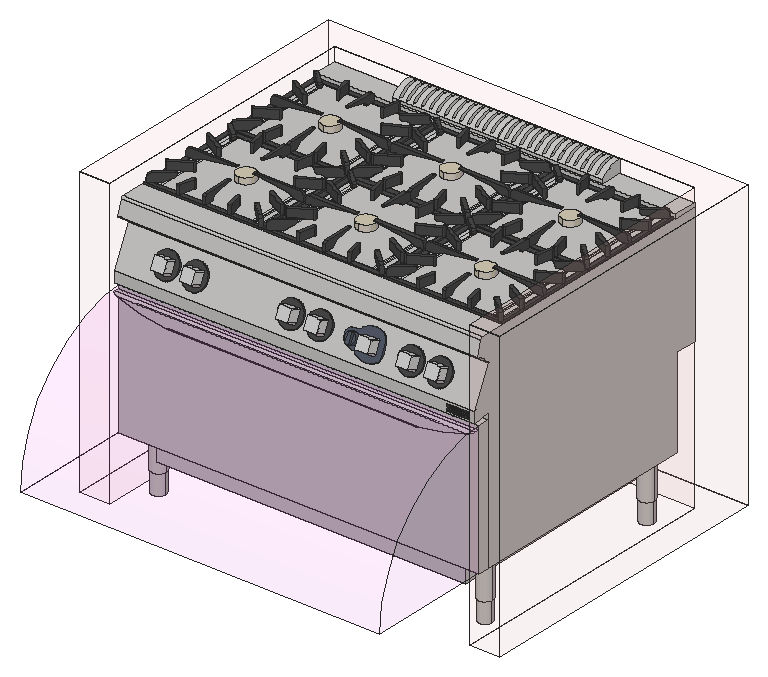
Revit family "QF_ZANUSSI_392016_Z9GCGL6SLM", category Attrezzature speciali, Revit 2020
Family settings
  Quota connettore circolare = Usa diametro
  Tipo di parte = Normale
  Basato su piano di lavoro = No
  Sempre verticale = Sì
  Taglio con vuoti quando caricato = No
  Condiviso = No
  Punto di calcolo locali = No
Parameters (values of type "Standard")
  Weight = 200.00 kg
  Watts = 0 W
  Volts = 0 V
  URL Manufacturer = "http://www.zanussiprofessional.com"
  URL = "http://www.zanussiprofessional.com"
  Steam Supply Size = 0 mm
  Steam Supply Minimum Pressure = 0.0 Pa
  Steam Supply Maximum Pressure = 0.0 Pa
  Steam Consumption per Hour = 0
  Show Logo [instance] = yes
  Show Clearance [instance] = yes
  Refrigeration Suction Line Size = 0 mm
  Refrigeration Liquid Line Size = 0 mm
  Refrigerant Compressor Remote = yes
  Prospetto di default = 0 mm
  Produttore = "Zanussi"
  Phase = 0
  Modello = "Z9GCGL6SLM"
  Length Actual = 1200 mm  # constant formula
  Item Number = "392016"
  Hot Water Size = 0 mm
  Height Actual = 850 mm  # constant formula
  HP = "0 HP"
  Gas Size = 12.7 mm
  Gas KW = 72
  Gas Input Pressure = 0.427354 W
  Direct Waste Size = 0 mm
  Descrizione = "6BURN(10KW)GAS RANGE+LARGE GAS OVEN 1200"
  Depth Actual = 900 mm  # constant formula
  Cycle = 0 Hz
  Condensate Return Size = 0 mm
  Compressed Air Volume = 0.0 L/s
  Compressed Air Size = 0 mm
  Compressed Air Pressure = 0.0 Pa
  Cold Water Size = 0 mm
  Accessory = yes
Reference planes
  plane 1 "Back": y = 0
  plane 2: z = 0
  plane 3 "Left": x = 0
  plane 4: y = -716.25
  plane 5: x = 1200
  plane 6: z = 850
  plane 7: y = -340.304
  plane 8: y = -680.608
  plane 9: x = 600
  plane 10: x = 1300
  plane 11: x = -100
  plane 12: y = 100
  plane 13: z = 149
  plane 14: y = -128
  plane 15: y = -802
Forms (mm)
  Extrusion 1, solid, material "QF_Finishes_Clearance", visible <- "Show Clearance"
    sketch origin (0, 0, 0) x (1, 0, 0) y (0, 1, 0)
      loop
        line (-100, -934.208) -> (0, -934.208) -> (0, 0) -> (1200, 0) -> (1200, -934.208) -> (1300, -934.208) -> (1300, 100) -> (-100, 100) -> (-100, -934.208)
    from 0 to 958.9
  Extrusion 2, solid, material "QF_Finishes_Stainless Steel"
    sketch origin (0, 50, 661.213) x (0, 1, 0) y (0, 0, 1)
      loop
        line (-50, 238.788) -> (-50, 253.075) -> (-126.2, 253.075) -> (-126.2, 238.788) -> (-50, 238.788)
    from 0 to 1200
  Revolve 3, solid, material "QF_Finishes_Door Clearance", visible <- "Show Clearance"
    sketch origin (0, -865, 50) x (1, 0, 0) y (0, 0, 1)
      loop
        line (0, 593.184) -> (0, 149) -> (1200, 149) -> (1200, 593.184) -> (0, 593.184)
      axis (1200, 149) -> (0, 149)
    angle from 0 to -90
  Extrusion 4, solid, material "QF_Finishes_Stainless Steel"
    sketch origin (0, 0, 50) x (0, 1, 0) y (0, 0, 1)
      loop
        line (-128, 149) -> (-848, 149) -> (-848, 69) -> (-128, 69) -> (-128, 149)
    from 84.604 to 1114.933
  Extrusion 5, solid, material "QF_Finishes_Stainless Steel"
    sketch origin (-305.042, -202, 191.278) x (-1, 0, 0) y (0, -1, 0)
      loop
        circle (-1452.042, 464) r 6.35
    from -1.278 to 7.722
Dimensions and locks
  plane 1 "Back" to plane 4 = 716.25 mm  (x2)
  plane 3 "Left" to plane 5 = 1200 mm
  equal spacing: plane 3 "Left", plane 9, plane 5
  plane 1 "Back" to plane 12 = 100 mm
  plane 5 to plane 10 = 100 mm
  plane 11 to plane 3 "Left" = 100 mm
  plane 13 to level = 149 mm
  Extrusion 1 to plane 14 to plane 15 = 128 mm, 674 mm
  aligned and locked: level to plane 2
Automatic sketch dimensions
  Extrusion 1 sketch curve to plane 11 = 0 mm
  Extrusion 1 sketch curve to plane 3 "Left" = 0 mm
  plane 1 "Back" to Extrusion 1 sketch curve = 0 mm
  Extrusion 1 sketch curve to plane 5 = 0 mm
  Extrusion 1 sketch curve to plane 10 = 0 mm
  Extrusion 1 sketch curve to plane 12 = 0 mm
  Extrusion 1 sketch curve to plane 15 = 132.208 mm  (x2)
  Extrusion 2 sketch curve to plane 1 "Back" = 0 mm
  plane 14 to Extrusion 2 sketch curve = 51.8 mm
  Extrusion 2 sketch curve to plane 6 = 50 mm
  Extrusion 2 sketch curve to Extrusion 2 sketch curve = 14.288 mm
  Revolve 3 sketch curve to plane 3 "Left" = 0 mm
  plane 9 to Revolve 3 sketch curve = 0 mm
  plane 5 to Revolve 3 sketch curve = 0 mm
  Revolve 3 sketch curve to plane 13 = 50 mm  (x2)
  plane 6 to Revolve 3 sketch curve = 206.816 mm
  plane 11 to Revolve 3 sketch curve = 120 mm
  Extrusion 4 sketch curve to plane 14 = 0 mm
  Extrusion 4 sketch curve to plane 15 = 46 mm
  plane 13 to Extrusion 4 sketch curve = 30 mm
  Extrusion 4 sketch curve to plane 13 = 50 mm
  plane 8 to Extrusion 5 sketch curve = 14.608 mm
  plane 5 to Extrusion 5 sketch curve = 53 mm
  radius of Extrusion 5 sketch curve = 6.35 mm
Nested families
  nested 1: "Uscita_Fumi_350" at (775, -34.925, 914.288), type "Uscita_Fumi_350"
  nested 2: "Uscita_Fumi_350" at (425, -34.925, 914.288) x (-1, 0, 0) z (0, 0, 1), type "Uscita_Fumi_350"
  nested 3: "ZANUSSI_BURNER" at (2.5, -443.125, 50), type "ZANUSSI_BURNER"
    with Status "", Specification by User "", Revision Code "", Item Number "", Installed By "", Identify Quantity as Lot yes, Furnished By "", Foodservice Equipment Identifier yes
  nested 4: "ZANUSSI_BURNER" at (2.5, -439.983, 50), type "ZANUSSI_BURNER"
    with Status "", Specification by User "", Revision Code "", Item Number "", Installed By "", Identify Quantity as Lot yes, Furnished By "", Foodservice Equipment Identifier yes
  nested 5: "ZANUSSI_BURNER" at (797.4, -443.125, 50) x (-1, 0, 0) z (0, 0, 1), type "ZANUSSI_BURNER"
    with Status "", Specification by User "", Revision Code "", Item Number "", Installed By "", Identify Quantity as Lot yes, Furnished By "", Foodservice Equipment Identifier yes
  nested 6: "ZANUSSI_BURNER" at (797.4, -439.983, 50) x (-1, 0, 0) z (0, 0, 1), type "ZANUSSI_BURNER"
    with Status "", Specification by User "", Revision Code "", Item Number "", Installed By "", Identify Quantity as Lot yes, Furnished By "", Foodservice Equipment Identifier yes
  nested 7: "ZANUSSI_BURNER" at (802.4, -443.125, 50), type "ZANUSSI_BURNER"
    with Status "", Specification by User "", Revision Code "", Item Number "", Installed By "", Identify Quantity as Lot yes, Furnished By "", Foodservice Equipment Identifier yes
  nested 8: "ZANUSSI_BURNER" at (802.4, -439.983, 50), type "ZANUSSI_BURNER"
    with Status "", Specification by User "", Revision Code "", Item Number "", Installed By "", Identify Quantity as Lot yes, Furnished By "", Foodservice Equipment Identifier yes
  nested 9: "CONTROLLER_XP-ZAN" at (1113, -887.374, 748.654) x (1, 0, 0) z (0, -0.8956, 0.4448), type "CONTROLLER_XP-ZAN"
  nested 10: "CONTROLLER_XP-ZAN" at (1018, -887.374, 748.654) x (1, 0, 0) z (0, -0.8956, 0.4448), type "CONTROLLER_XP-ZAN"
  nested 11: "CONTROLLER_XP-ZAN" at (713, -887.374, 748.654) x (1, 0, 0) z (0, -0.8956, 0.4448), type "CONTROLLER_XP-ZAN"
  nested 12: "CONTROLLER_XP-ZAN" at (618, -887.374, 748.654) x (1, 0, 0) z (0, -0.8956, 0.4448), type "CONTROLLER_XP-ZAN"
  nested 13: "CONTROLLER_DOPPIO_ZAN" at (806.481, -887.374, 748.654) x (1, 0, 0) z (0, -0.8956, 0.4448), type "CONTROLLER_DOPPIO_ZAN"
  nested 14: "CONTROLLER_XP-ZAN" at (298, -887.374, 748.654) x (1, 0, 0) z (0, -0.8956, 0.4448), type "CONTROLLER_XP-ZAN"
  nested 15: "CONTROLLER_XP-ZAN" at (203, -887.374, 748.654) x (1, 0, 0) z (0, -0.8956, 0.4448), type "CONTROLLER_XP-ZAN"
  nested 16: "ZANUSSI_Logo" at (1149.92, -916.25, 722.184) x (1, 0, 0) z (0, -1, 0), Show Logo <- "Show Logo", visible <- "Show Logo", type "ZANUSSI_Logo"
    with Show Logo yes
  nested 17: "E700_width120x900" at (600, -340.304, 50), type "E700_width120x900"
  nested 18: "MANIGLIA_SLIM_ZANUSSI_1200Width" at (600.55, -900, 611.5) x (1, 0, 0) z (0, -1, 0), type "MANIGLIA_SLIM_ZANUSSI_1200Width"
  nested 19: "Piedino 50xH200_par" at (56, -802, 0), type "Piedino 50xH200_par"
    with H 200 mm
  nested 20: "Piedino 50xH200_par" at (56, -128, 0), type "Piedino 50xH200_par"
    with H 200 mm
  nested 21: "Piedino 50xH200_par" at (1144, -128, 0), type "Piedino 50xH200_par"
    with H 200 mm
  nested 22: "Piedino 50xH200_par" at (1144, -802, 0), type "Piedino 50xH200_par"
    with H 200 mm
Connectors
  piping at (1147, -666, 190), diameter 12.7, driven by "Gas Size"
    settings: on Extrusion 5, index 13, connector inside diameter 12.8 mm, connector length 0 mm, flow factor 0, pipe flow 0.0 L/s, pressure drop 0.0 Pa, fitting loss kfactor 0, connector angle 0.00°, fixture units 0, engagement length 0 mm, angle of deflection 0.00°, flow configuration 1, flow direction 1, fitting loss method 0, system type 29, joint type 0, gender type 0, connector reference index -1, connector utility 0, adjustable connector no, is connector primary yes, connector description "Gas Connection"
Definition of nested family "Uscita_Fumi_350"
  Parameters (values of type "Uscita_Fumi_350")
    Default Elevation = 1219.2 mm
  Reference planes
    plane 1 "Centro (Fronte/Retro)": y = 0
    plane 2: z = 0
    plane 3 "Centro (Sinistra/Destra)": x = 0
  Forms (mm)
    Extrusion 1, solid
      sketch origin (0, 0, 0) x (1, 0, 0) y (0, 1, 0)
        loop
          line (-1219.2, 1219.2) -> (-1219.2, -1219.2) -> (1219.2, -1219.2) -> (1219.2, 1219.2) -> (-1219.2, 1219.2)
      from 0 to -304.8
    Extrusion 2, solid
      sketch origin (-225, 34.925, -289.638) x (0, 1, 0) y (0, 0, 1)
        loop
          line (0, 289.638) -> (0, 331.738)
          arc (0, 331.738) -> (-38.857, 324.552) -> (-69.85, 300.038) r 82.056
          line (-69.85, 300.038) -> (-69.85, 289.638) -> (0, 289.638)
      from 50 to 400
    Extrusion 3, void
      sketch origin (-262.5, 34.925, -15) x (0, -1, 0) y (1, 0, 0)
        loop
          line (63.911, 115.464) -> (6.761, 115.464) -> (6.761, 106.168) -> (63.911, 106.168) -> (63.911, 115.464)
        loop
          line (63.911, 140.952) -> (6.761, 140.952) -> (6.761, 131.656) -> (63.911, 131.656) -> (63.911, 140.952)
        loop
          line (63.911, 166.44) -> (6.761, 166.44) -> (6.761, 157.145) -> (63.911, 157.145) -> (63.911, 166.44)
        loop
          line (63.911, 191.929) -> (6.761, 191.929) -> (6.761, 182.633) -> (63.911, 182.633) -> (63.911, 191.929)
        loop
          line (63.911, 217.417) -> (6.761, 217.417) -> (6.761, 208.121) -> (63.911, 208.121) -> (63.911, 217.417)
        loop
          line (63.911, 242.905) -> (6.761, 242.905) -> (6.761, 233.61) -> (63.911, 233.61) -> (63.911, 242.905)
        loop
          line (63.911, 268.394) -> (6.761, 268.394) -> (6.761, 259.098) -> (63.911, 259.098) -> (63.911, 268.394)
        loop
          line (63.911, 293.882) -> (6.761, 293.882) -> (6.761, 284.586) -> (63.911, 284.586) -> (63.911, 293.882)
        loop
          line (63.911, 319.37) -> (6.761, 319.37) -> (6.761, 310.075) -> (63.911, 310.075) -> (63.911, 319.37)
        loop
          line (63.911, 344.859) -> (6.761, 344.859) -> (6.761, 335.563) -> (63.911, 335.563) -> (63.911, 344.859)
        loop
          line (63.911, 370.347) -> (6.761, 370.347) -> (6.761, 361.051) -> (63.911, 361.051) -> (63.911, 370.347)
        loop
          line (63.911, 393.394) -> (6.761, 393.394) -> (6.761, 384.098) -> (63.911, 384.098) -> (63.911, 393.394)
        loop
          line (63.911, 418.882) -> (6.761, 418.882) -> (6.761, 409.586) -> (63.911, 409.586) -> (63.911, 418.882)
      from 25.4 to 63.5
  Cuts and joins
    Extrusion 3 cuts Extrusion 2
  Dimensions and locks
    cut or joined group of Extrusion 2, Extrusion 3 to cut or joined group of Extrusion 2, Extrusion 3 = 350 mm
    aligned and locked: plane 2 to Extrusion 1
    aligned and locked: level to Extrusion 1
Definition of nested family "ZANUSSI_BURNER"
  Parameters (values of type "ZANUSSI_BURNER")
    Weight in Pounds = 0
    URL Cutsheet = ""
    URL = "www.electrolux.com"
    Type Mark [instance] = ""
    Status [instance] = ""
    Specification by User [instance] = ""
    Specification by Manufacturer = ""
    Show Clearance [instance] = yes
    Serial Number = ""
    Seismic Rating = ""
    SMACNA No = ""
    Revision Code [instance] = ""
    Default Elevation = 0 mm
    Omniclass Number and Title = ""
    NAFEM Spec ID Number = ""
    Model = "392010"
    Masterspec = ""
    Manufacturer = "ELECTROLUX"
    Item Number [instance] = ""
    Installed By [instance] = ""
    Identify Quantity as Lot [instance] = yes
    Furnished By [instance] = ""
    Foodservice Equipment Identifier [instance] = yes
    Description = ""
    CSI MasterFormat = ""
    CSI Master Format = ""
  Reference planes
    plane 1 "BACK": y = 0
    plane 2: z = 0
    plane 3 "LEFT": x = 0
    plane 4 "RIGHT": x = 393.7
    plane 5 "FRONT": y = -355.6
    plane 6 "TOP": z = 908.85
    plane 7 "Center Y": x = 196.85
    plane 8 "Center X": y = -177.8
    plane 9 "Base": z = 150
    plane 10: z = 850.85
  Forms (mm)
    Extrusion 1, solid
      sketch origin (-6.433, -404.961, 5) x (1, 0, 0) y (0, 0, -1)
        loop
          arc (7.142, -850.85) -> (6.739, -862.989) -> (9.761, -874.752) r 42.809
          line (9.761, -874.752) -> (19.961, -879.425) -> (173.122, -879.425)
          arc (173.122, -879.425) -> (174.316, -878.312) -> (173.289, -877.043) r 1.197
          line (173.289, -877.043) -> (64.848, -864.021)
          arc (64.848, -864.021) -> (50.111, -858.738) -> (36.589, -850.85) r 85.245
          line (36.589, -850.85) -> (7.142, -850.85)
        loop
          line (399.424, -850.85) -> (369.977, -850.85)
          arc (369.977, -850.85) -> (356.455, -858.738) -> (341.718, -864.021) r 85.245
          line (341.718, -864.021) -> (233.277, -877.043)
          arc (233.277, -877.043) -> (232.25, -878.312) -> (233.444, -879.425) r 1.197
          line (233.444, -879.425) -> (386.605, -879.425) -> (396.806, -874.752)
          arc (396.806, -874.752) -> (399.827, -862.989) -> (399.424, -850.85) r 42.809
      from 224.564 to 234.564
    Extrusion 2, solid
      sketch origin (196.85, 175.397, 1219.2) x (0, 1, 0) y (0, 0, 1)
        loop
          line (-204.463, -363.35) -> (-175.397, -363.35) -> (-175.397, -339.506)
          arc (-175.397, -339.506) -> (-181.025, -338.266) -> (-185.611, -334.775) r 13.39
          line (-185.611, -334.775) -> (-278.903, -334.775)
          arc (-278.903, -334.775) -> (-280.097, -335.888) -> (-279.07, -337.157) r 1.197
          line (-279.07, -337.157) -> (-227.151, -347.464)
          arc (-227.151, -347.464) -> (-213.741, -352.457) -> (-204.463, -363.35) r 28.426
        loop
          arc (-496.332, -363.35) -> (-487.053, -352.457) -> (-473.644, -347.464) r 28.426
          line (-473.644, -347.464) -> (-421.725, -337.157)
          arc (-421.725, -337.157) -> (-420.697, -335.888) -> (-421.891, -334.775) r 1.197
          line (-421.891, -334.775) -> (-515.184, -334.775)
          arc (-515.184, -334.775) -> (-519.769, -338.266) -> (-525.397, -339.506) r 13.39
          line (-525.397, -339.506) -> (-525.397, -363.35) -> (-496.332, -363.35)
      from -5 to 5
    Extrusion 3, solid
      sketch origin (-6.433, 367.064, 850.85) x (0, -1, 0) y (1, 0, 0)
        loop
          line (722.664, 6.433) -> (722.664, 400.133) -> (367.064, 400.133) -> (367.064, 6.433) -> (722.664, 6.433)
        loop
          line (382.064, 21.433) -> (707.664, 21.433) -> (707.664, 385.133) -> (382.064, 385.133) -> (382.064, 21.433)
      from 0 to 5
    Extrusion 4, solid
      sketch origin (-18.933, 367.064, 855.85) x (0, -1, 0) y (1, 0, 0)
        loop
          circle (541.667, 215.783) r 30
      from -1.321 to 17.134
    Extrusion 5, solid
      sketch origin (-6.433, -367.064, 0) x (1, 0, 0) y (0, 0, -1)
        loop
          line (21.433, -855.85) -> (36.589, -855.85)
          arc (36.589, -855.85) -> (40.561, -855.243) -> (44.305, -853.783) r 18.259
          arc (44.305, -853.783) -> (45.997, -853.366) -> (47.69, -853.783) r 3.649
          arc (47.69, -853.783) -> (49.901, -854.522) -> (52.232, -854.529) r 7.328
          line (52.232, -854.529) -> (354.334, -854.529)
          arc (354.334, -854.529) -> (356.666, -854.522) -> (358.877, -853.783) r 7.328
          arc (358.877, -853.783) -> (360.569, -853.366) -> (362.261, -853.783) r 3.649
          arc (362.261, -853.783) -> (366.005, -855.243) -> (369.977, -855.85) r 18.259
          line (369.977, -855.85) -> (385.133, -855.85) -> (385.133, -850.85) -> (21.433, -850.85) -> (21.433, -855.85)
      from 26.464 to 352.064
    Extrusion 6, solid
      sketch origin (83.284, -458.334, 5) x (0.742103, 0.670286, 0) y (0, 0, -1)
        loop
          arc (88.629, -864.012) -> (73.909, -858.731) -> (60.402, -850.85) r 85.245
          line (60.402, -850.85) -> (14.993, -850.85)
          arc (14.993, -850.85) -> (14.642, -862.948) -> (17.686, -874.663) r 42.876
          line (17.686, -874.663) -> (27.899, -879.425) -> (89.664, -879.425)
          arc (89.664, -879.425) -> (92.39, -878.352) -> (93.654, -875.709) r 4
          arc (93.654, -875.709) -> (92.562, -869.25) -> (88.629, -864.012) r 13.87
        loop
          arc (457.638, -864.012) -> (453.704, -869.25) -> (452.613, -875.709) r 13.87
          arc (452.613, -875.709) -> (453.876, -878.352) -> (456.603, -879.425) r 4
          line (456.603, -879.425) -> (518.367, -879.425) -> (528.581, -874.663)
          arc (528.581, -874.663) -> (531.624, -862.948) -> (531.273, -850.85) r 42.876
          line (531.273, -850.85) -> (485.865, -850.85)
          arc (485.865, -850.85) -> (472.357, -858.731) -> (457.638, -864.012) r 85.245
      from 127.064 to 137.064
    Extrusion 7, solid
      sketch origin (310.416, -458.334, 5) x (-0.742103, 0.670286, 0) y (0, 0, 1)
        loop
          arc (88.629, 864.012) -> (92.562, 869.25) -> (93.654, 875.709) r 13.87
          arc (93.654, 875.709) -> (92.39, 878.352) -> (89.664, 879.425) r 4
          line (89.664, 879.425) -> (27.899, 879.425) -> (17.686, 874.663)
          arc (17.686, 874.663) -> (14.642, 862.948) -> (14.993, 850.85) r 42.876
          line (14.993, 850.85) -> (60.402, 850.85)
          arc (60.402, 850.85) -> (73.909, 858.731) -> (88.629, 864.012) r 85.245
        loop
          arc (457.638, 864.012) -> (472.357, 858.731) -> (485.865, 850.85) r 85.245
          line (485.865, 850.85) -> (531.273, 850.85)
          arc (531.273, 850.85) -> (531.624, 862.948) -> (528.581, 874.663) r 42.876
          line (528.581, 874.663) -> (518.367, 879.425) -> (456.603, 879.425)
          arc (456.603, 879.425) -> (453.876, 878.352) -> (452.613, 875.709) r 4
          arc (452.613, 875.709) -> (453.704, 869.25) -> (457.638, 864.012) r 13.87
      from 127.064 to 137.064
    Extrusion 8, solid
      sketch origin (-6.433, 367.064, 855.85) x (0, -1, 0) y (1, 0, 0)
        loop
          arc (626.166, 9.428) -> (632.956, 7.454) -> (634.93, 14.244) r 5
          line (634.93, 14.244) -> (600.514, 76.878)
          arc (600.514, 76.878) -> (593.724, 78.852) -> (591.75, 72.062) r 5
          line (591.75, 72.062) -> (626.166, 9.428)
        loop
          line (463.562, 9.428) -> (497.977, 72.062)
          arc (497.977, 72.062) -> (496.003, 78.852) -> (489.213, 76.878) r 5
          line (489.213, 76.878) -> (454.798, 14.244)
          arc (454.798, 14.244) -> (456.772, 7.454) -> (463.562, 9.428) r 5
        loop
          line (626.166, 397.138) -> (591.75, 334.504)
          arc (591.75, 334.504) -> (593.724, 327.714) -> (600.514, 329.689) r 5
          line (600.514, 329.689) -> (634.93, 392.323)
          arc (634.93, 392.323) -> (632.956, 399.113) -> (626.166, 397.138) r 5
        loop
          arc (463.562, 397.138) -> (456.772, 399.113) -> (454.798, 392.323) r 5
          line (454.798, 392.323) -> (489.213, 329.689)
          arc (489.213, 329.689) -> (496.003, 327.714) -> (497.977, 334.504) r 5
          line (497.977, 334.504) -> (463.562, 397.138)
        loop
          line (715.14, 293.499) -> (666.703, 282.317)
          arc (666.703, 282.317) -> (662.956, 276.32) -> (668.953, 272.573) r 5
          line (668.953, 272.573) -> (717.389, 283.756)
          arc (717.389, 283.756) -> (721.136, 289.752) -> (715.14, 293.499) r 5
        loop
          arc (715.14, 113.067) -> (721.136, 116.814) -> (717.389, 122.811) r 5
          line (717.389, 122.811) -> (668.953, 133.993)
          arc (668.953, 133.993) -> (662.956, 130.246) -> (666.703, 124.249) r 5
          line (666.703, 124.249) -> (715.14, 113.067)
        loop
          arc (374.588, 293.499) -> (368.591, 289.752) -> (372.338, 283.756) r 5
          line (372.338, 283.756) -> (420.775, 272.573)
          arc (420.775, 272.573) -> (426.771, 276.32) -> (423.024, 282.317) r 5
          line (423.024, 282.317) -> (374.588, 293.499)
        loop
          line (374.588, 113.067) -> (423.024, 124.249)
          arc (423.024, 124.249) -> (426.771, 130.246) -> (420.775, 133.993) r 5
          line (420.775, 133.993) -> (372.338, 122.811)
          arc (372.338, 122.811) -> (368.591, 116.814) -> (374.588, 113.067) r 5
      from 0 to 28.575
  Lines and regions (mm)
    symbolic lines
      curve 1: line (157.475, -170.397, 150) -> (157.475, -15, 150)
      curve 2: line (236.225, -170.397, 150) -> (236.225, -15, 150)
      curve 3: arc (158.678, -180.397, 0) -> (170.734, -200.207, 0) -> (191.85, -209.795, 0) r 39.375
      curve 4: line (163.825, -170.397, 150) -> (163.825, -15, 150)
      curve 5: line (229.875, -170.397, 150) -> (229.875, -15, 150)
      curve 6: line (144.775, -170.397, 150) -> (144.775, -15, 150)
      curve 7: line (248.925, -170.397, 150) -> (248.925, -15, 150)
      curve 8: arc (145.678, -180.397, 0) -> (161.728, -209.187, 0) -> (191.85, -222.573, 0) r 52.075
      curve 9: arc (201.85, -209.795, 0) -> (222.966, -200.207, 0) -> (235.022, -180.397, 0) r 39.375
      curve 10: arc (201.85, -222.573, 0) -> (231.931, -209.224, 0) -> (248.001, -180.504, 0) r 52.075
  Dimensions and locks
    equal spacing: plane 3 "LEFT", plane 7 "Center Y", plane 4 "RIGHT"
    plane 3 "LEFT" to plane 4 "RIGHT" = 393.7 mm
    equal spacing: plane 5 "FRONT", plane 8 "Center X", plane 1 "BACK"
    plane 5 "FRONT" to plane 1 "BACK" = 355.6 mm
    plane 6 "TOP" to level = 908.85 mm
    plane 9 "Base" to level = 150 mm
    plane 6 "TOP" to plane 10 = 58 mm  (x2)
    locked: Extrusion 4 sketch curve to plane 7 "Center Y" at 0
    aligned and locked: level to plane 2
  Automatic sketch dimensions
    plane 1 "BACK" to curve 7 = 15 mm
    plane 7 "Center Y" to curve 7 = 52.075 mm
    curve 7 to curve 2 = 12.7 mm
    curve 2 to curve 5 = 6.35 mm
    curve 4 to curve 1 = 6.35 mm
    plane 8 "Center X" to curve 6 = 7.403 mm
    curve 1 to curve 6 = 12.7 mm
    plane 3 "LEFT" to Extrusion 1 sketch curve = 0.709 mm
    plane 3 "LEFT" to Extrusion 1 sketch curve = 3.327 mm
    Extrusion 1 sketch curve to Extrusion 1 sketch curve = 10.201 mm
    plane 10 to Extrusion 1 sketch curve = 5 mm  (x2)
    Extrusion 1 sketch curve to Extrusion 1 sketch curve = 29.447 mm
    Extrusion 1 sketch curve to Extrusion 1 sketch curve = 12.704 mm  (x2)
    Extrusion 1 sketch curve to Extrusion 1 sketch curve = 15.555 mm  (x2)
    plane 3 "LEFT" to Extrusion 1 sketch curve = 79.689 mm
    Extrusion 1 sketch curve to plane 7 "Center Y" = 30.161 mm
    Extrusion 1 sketch curve to Extrusion 1 sketch curve = 0.167 mm  (x2)
    plane 7 "Center Y" to Extrusion 1 sketch curve = 29.994 mm
    Extrusion 1 sketch curve to plane 4 "RIGHT" = 79.689 mm
    plane 10 to Extrusion 1 sketch curve = 18.171 mm
    Extrusion 1 sketch curve to plane 4 "RIGHT" = 58.415 mm
    Extrusion 1 sketch curve to plane 4 "RIGHT" = 13.528 mm
    Extrusion 1 sketch curve to plane 4 "RIGHT" = 3.327 mm
    Extrusion 1 sketch curve to plane 4 "RIGHT" = 0.709 mm
    Extrusion 1 sketch curve to Extrusion 1 sketch curve = 23.902 mm  (x2)
    Extrusion 1 sketch curve to plane 6 "TOP" = 26.807 mm  (x2)
    Extrusion 1 sketch curve to Extrusion 1 sketch curve = 1.185 mm  (x2)
    Extrusion 1 sketch curve to Extrusion 1 sketch curve = 5.694 mm
    Extrusion 2 sketch curve to plane 1 "BACK" = 0 mm
    plane 1 "BACK" to Extrusion 2 sketch curve = 10.213 mm
    plane 10 to Extrusion 2 sketch curve = 5 mm  (x2)
    plane 1 "BACK" to Extrusion 2 sketch curve = 29.066 mm
    plane 10 to Extrusion 2 sketch curve = 20.886 mm
    Extrusion 2 sketch curve to Extrusion 2 sketch curve = 22.688 mm  (x2)
    Extrusion 2 sketch curve to plane 10 = 7.392 mm  (x2)
    Extrusion 2 sketch curve to plane 6 "TOP" = 24.425 mm
    Extrusion 2 sketch curve to Extrusion 2 sketch curve = 51.752 mm
    Extrusion 2 sketch curve to plane 6 "TOP" = 26.807 mm  (x2)
    Extrusion 2 sketch curve to Extrusion 2 sketch curve = 0.167 mm  (x2)
    Extrusion 2 sketch curve to plane 8 "Center X" = 68.528 mm
    Extrusion 2 sketch curve to plane 5 "FRONT" = 60.248 mm
    Extrusion 2 sketch curve to Extrusion 2 sketch curve = 2.895 mm
    Extrusion 2 sketch curve to plane 5 "FRONT" = 15.813 mm
    Extrusion 2 sketch curve to plane 5 "FRONT" = 5.6 mm
    Extrusion 2 sketch curve to Extrusion 2 sketch curve = 4.731 mm
    Extrusion 2 sketch curve to Extrusion 2 sketch curve = 23.844 mm
    Extrusion 2 sketch curve to Extrusion 2 sketch curve = 1.185 mm
    plane 1 "BACK" to Extrusion 3 sketch curve = 0 mm
    Extrusion 3 sketch curve to plane 3 "LEFT" = 0 mm
    plane 5 "FRONT" to Extrusion 3 sketch curve = 0 mm
    Extrusion 3 sketch curve to plane 4 "RIGHT" = 0 mm
    plane 1 "BACK" to Extrusion 3 sketch curve = 15 mm
    Extrusion 3 sketch curve to plane 5 "FRONT" = 15 mm
    plane 3 "LEFT" to Extrusion 3 sketch curve = 15 mm
    Extrusion 3 sketch curve to plane 4 "RIGHT" = 15 mm
    Extrusion 3 to Extrusion 4 sketch curve = 159.603 mm
    Extrusion 5 sketch curve to plane 10 = 0 mm
    plane 3 "LEFT" to Extrusion 5 sketch curve = 15 mm
    Extrusion 5 sketch curve to Extrusion 5 sketch curve = 14.402 mm
    plane 10 to Extrusion 5 sketch curve = 5 mm
    Extrusion 5 sketch curve to Extrusion 5 sketch curve = 15.156 mm
    plane 10 to Extrusion 5 sketch curve = 2.933 mm  (x3)
    Extrusion 5 sketch curve to Extrusion 5 sketch curve = 7.716 mm  (x2)
    Extrusion 5 sketch curve to Extrusion 5 sketch curve = 0 mm  (x3)
    Extrusion 5 sketch curve to Extrusion 5 sketch curve = 1.692 mm  (x2)
    Extrusion 5 sketch curve to Extrusion 5 sketch curve = 3.385 mm  (x2)
    Extrusion 5 sketch curve to plane 10 = 3.559 mm  (x2)
    plane 10 to Extrusion 5 sketch curve = 3.679 mm
    Extrusion 5 sketch curve to plane 4 "RIGHT" = 45.799 mm
    Extrusion 5 sketch curve to Extrusion 5 sketch curve = 1.143 mm
    Extrusion 5 sketch curve to plane 10 = 13.244 mm
    Extrusion 5 sketch curve to plane 4 "RIGHT" = 15 mm
    plane 10 to Extrusion 6 sketch curve = 5 mm  (x2)
    Extrusion 6 sketch curve to Extrusion 6 sketch curve = 2.692 mm  (x2)
    Extrusion 6 sketch curve to Extrusion 6 sketch curve = 10.213 mm  (x2)
    plane 10 to Extrusion 6 sketch curve = 12.281 mm
    Extrusion 6 sketch curve to Extrusion 6 sketch curve = 29.348 mm  (x2)
    Extrusion 6 sketch curve to Extrusion 6 sketch curve = 3.155 mm  (x2)
    Extrusion 6 sketch curve to Extrusion 6 sketch curve = 22.572 mm
    Extrusion 6 sketch curve to Extrusion 6 sketch curve = 8.81 mm
    Extrusion 6 sketch curve to Extrusion 6 sketch curve = 9.845 mm  (x2)
    Extrusion 6 sketch curve to Extrusion 6 sketch curve = 3.99 mm  (x2)
    Extrusion 6 sketch curve to Extrusion 6 sketch curve = 0 mm  (x2)
    Extrusion 6 sketch curve to Extrusion 6 sketch curve = 49.533 mm
    Extrusion 6 sketch curve to plane 10 = 64.377 mm
    Extrusion 6 sketch curve to Extrusion 6 sketch curve = 326.397 mm
    Extrusion 6 sketch curve to plane 6 "TOP" = 28.141 mm
    Extrusion 6 sketch curve to Extrusion 6 sketch curve = 16.281 mm
    Extrusion 6 sketch curve to Extrusion 6 sketch curve = 1.035 mm
    Extrusion 6 sketch curve to Extrusion 6 sketch curve = 19.417 mm
    Extrusion 6 sketch curve to Extrusion 6 sketch curve = 4.763 mm  (x2)
    Extrusion 6 sketch curve to Extrusion 6 sketch curve = 3.716 mm
    plane 10 to Extrusion 7 sketch curve = 5 mm  (x2)
    Extrusion 7 sketch curve to Extrusion 7 sketch curve = 2.692 mm  (x2)
    Extrusion 7 sketch curve to Extrusion 7 sketch curve = 10.213 mm  (x2)
    plane 10 to Extrusion 7 sketch curve = 12.281 mm
    Extrusion 7 sketch curve to Extrusion 7 sketch curve = 29.348 mm  (x2)
    Extrusion 7 sketch curve to Extrusion 7 sketch curve = 3.155 mm  (x2)
    Extrusion 7 sketch curve to Extrusion 7 sketch curve = 22.572 mm
    Extrusion 7 sketch curve to Extrusion 7 sketch curve = 8.81 mm
    Extrusion 7 sketch curve to Extrusion 7 sketch curve = 9.845 mm  (x2)
    Extrusion 7 sketch curve to Extrusion 7 sketch curve = 3.99 mm  (x2)
    Extrusion 7 sketch curve to Extrusion 7 sketch curve = 0 mm  (x2)
    Extrusion 7 sketch curve to Extrusion 7 sketch curve = 21.306 mm
    Extrusion 7 sketch curve to plane 10 = 64.377 mm  (x2)
    Extrusion 7 sketch curve to Extrusion 7 sketch curve = 326.397 mm
    Extrusion 7 sketch curve to plane 6 "TOP" = 28.141 mm
    Extrusion 7 sketch curve to Extrusion 7 sketch curve = 16.281 mm
    Extrusion 7 sketch curve to Extrusion 7 sketch curve = 1.035 mm
    Extrusion 7 sketch curve to Extrusion 7 sketch curve = 19.417 mm
    Extrusion 7 sketch curve to Extrusion 7 sketch curve = 7.281 mm
    Extrusion 7 sketch curve to Extrusion 7 sketch curve = 10.713 mm
    curve 3 to curve 8 = 0 mm  (x2)
    curve 3 to curve 9 = 0 mm  (x2)
    curve 3 to curve 10 = 0 mm  (x2)
    curve 3 to plane 7 "Center Y" = 0 mm
    curve 8 to plane 8 "Center X" = 2.597 mm
    curve 8 to plane 7 "Center Y" = 51.172 mm
    curve 3 to plane 8 "Center X" = 2.597 mm
    curve 8 to curve 3 = 12.999 mm
    curve 3 to plane 7 "Center Y" = 5 mm
    curve 8 to plane 7 "Center Y" = 5 mm
    plane 7 "Center Y" to curve 10 = 5 mm
    curve 9 to plane 8 "Center X" = 2.597 mm
    plane 7 "Center Y" to curve 9 = 38.172 mm
    curve 10 to plane 8 "Center X" = 2.704 mm
    curve 9 to curve 10 = 12.979 mm
    curve 10 to plane 8 "Center X" = 44.773 mm
    Extrusion 8 sketch curve to Extrusion 3 = 5.275 mm  (x2)
    Extrusion 8 sketch curve to Extrusion 8 sketch curve = 1.125 mm  (x16)
    Extrusion 3 to Extrusion 8 sketch curve = 38.711 mm  (x2)
    Extrusion 8 sketch curve to Extrusion 3 = 7.19 mm  (x3)
    Extrusion 3 to Extrusion 8 sketch curve = 72.734 mm  (x2)
    Extrusion 8 sketch curve to Extrusion 8 sketch curve = 4.382 mm  (x16)
    Extrusion 8 sketch curve to Extrusion 3 = 2.995 mm  (x4)
    Extrusion 8 sketch curve to Extrusion 8 sketch curve = 34.416 mm  (x4)
    Extrusion 3 to Extrusion 8 sketch curve = 50.629 mm  (x3)
    Extrusion 8 sketch curve to Extrusion 8 sketch curve = 93.773 mm  (x2)
    Extrusion 3 to Extrusion 8 sketch curve = 40.96 mm  (x2)
    Extrusion 8 sketch curve to Extrusion 3 = 7.476 mm  (x2)
    Extrusion 8 sketch curve to Extrusion 8 sketch curve = 2.408 mm  (x4)
    Extrusion 3 to Extrusion 8 sketch curve = 91.634 mm  (x2)
    Extrusion 8 sketch curve to Extrusion 8 sketch curve = 4.872 mm  (x8)
    Extrusion 8 sketch curve to Extrusion 8 sketch curve = 11.182 mm  (x4)
    Extrusion 3 to Extrusion 8 sketch curve = 112.56 mm
    Extrusion 8 sketch curve to Extrusion 8 sketch curve = 61.931 mm
    Extrusion 3 to Extrusion 8 sketch curve = 55.445 mm
    Extrusion 8 sketch curve to Extrusion 8 sketch curve = 4.816 mm
    plane 7 "Center Y" to curve 9 = 5 mm
    plane 8 "Center X" to curve 4 = 7.403 mm
    curve 4 to plane 7 "Center Y" = 33.025 mm
    plane 1 "BACK" to curve 1 = 15 mm
    plane 1 "BACK" to curve 5 = 15 mm
    curve 5 to curve 2 = 0 mm  (x2)
    curve 1 to curve 4 = 0 mm  (x2)
    curve 6 to curve 1 = 0 mm
    plane 8 "Center X" to curve 2 = 7.403 mm
    plane 8 "Center X" to curve 7 = 7.403 mm
    radius of Extrusion 4 sketch curve = 30 mm
Definition of nested family "CONTROLLER_XP-ZAN"
  Parameters (values of type "CONTROLLER_XP-ZAN")
    Default Elevation = 0 mm
  Reference planes
    plane 1 "Centro (Fronte/Retro)": y = 0
    plane 2: z = 0
    plane 3 "Centro (Sinistra/Destra)": x = 0
    plane 4: x = -51.067
    plane 5: x = 51.067
    plane 6: x = 93.481
    plane 7: x = -93.481
  Forms (mm)
    Extrusion 1, solid
      sketch origin (0, 0, 0) x (1, 0, 0) y (0, 1, 0)
        loop
          line (-1219.2, 1219.2) -> (-1219.2, -1219.2) -> (1219.2, -1219.2) -> (1219.2, 1219.2) -> (-1219.2, 1219.2)
      from 0 to -304.8
    Extrusion 2, solid
      sketch origin (-46.381, -48.923, 0) x (1, 0, 0) y (0, 1, 0)
        loop
          circle (-4.687, 48.923) r 42.414
      from 0 to 3.175
    Blend 3, solid
      base sketch origin (-46.381, -48.923, 3.175) x (1, 0, 0) y (0, 1, 0)
        loop
          line (-23.687, 25.923) -> (14.313, 25.923)
          arc (14.313, 25.923) -> (17.142, 27.095) -> (18.313, 29.923) r 4
          line (18.313, 29.923) -> (18.313, 66.519)
          arc (18.313, 66.519) -> (17.342, 69.132) -> (14.901, 70.476) r 4
          arc (14.901, 70.476) -> (-4.687, 71.923) -> (-24.275, 70.476) r 133.25
          arc (-24.275, 70.476) -> (-26.716, 69.132) -> (-27.687, 66.519) r 4
          line (-27.687, 66.519) -> (-27.687, 29.923)
          arc (-27.687, 29.923) -> (-26.515, 27.095) -> (-23.687, 25.923) r 4
      top sketch origin (-46.381, -48.923, 3.175) x (1, 0, 0) y (0, 1, 0)
        loop
          line (-25.687, 66.519) -> (-25.687, 29.923)
          arc (-25.687, 29.923) -> (-25.101, 28.509) -> (-23.687, 27.923) r 2
          line (-23.687, 27.923) -> (14.313, 27.923)
          arc (14.313, 27.923) -> (15.727, 28.509) -> (16.313, 29.923) r 2
          line (16.313, 29.923) -> (16.313, 66.519)
          arc (16.313, 66.519) -> (15.828, 67.825) -> (14.607, 68.498) r 2
          arc (14.607, 68.498) -> (-4.687, 69.923) -> (-23.981, 68.498) r 131.25
          arc (-23.981, 68.498) -> (-25.201, 67.825) -> (-25.687, 66.519) r 2
      from 0 to 33
  Lines and regions (mm)
    Split face 1
      outline origin (-46.381, -48.923, 36.175) x (1, 0, 0) y (0, 1, 0)
        loop
          line (-6.687, 69.908) -> (-6.687, 62.923) -> (-2.687, 62.923) -> (-2.687, 69.908)
  Dimensions and locks
    aligned and locked: plane 2 to Extrusion 1
    aligned and locked: level to Extrusion 1
Definition of nested family "CONTROLLER_DOPPIO_ZAN"
  Parameters (values of type "CONTROLLER_DOPPIO_ZAN")
    Default Elevation = 1219.2 mm
  Reference planes
    plane 1 "Centro (Fronte/Retro)": y = 0
    plane 2: z = 0
    plane 3 "Centro (Sinistra/Destra)": x = 0
  Forms (mm)
    Extrusion 1, solid
      sketch origin (0, 0, 0) x (1, 0, 0) y (0, 1, 0)
        loop
          line (-1219.2, 1219.2) -> (-1219.2, -1219.2) -> (1219.2, -1219.2) -> (1219.2, 1219.2) -> (-1219.2, 1219.2)
      from 0 to -304.8
    Extrusion 2, solid
      sketch origin (-514.313, -66.838, -0.005) x (0, 1, 0.000275) y (-1, 0, 0)
        loop
          arc (104.31, -502.587) -> (101.304, -501.269) -> (98.251, -500.06) r 91.047
          arc (98.251, -500.06) -> (96.593, -482.459) -> (93.213, -465.107) r 179.528
          arc (93.213, -465.107) -> (69.244, -452.795) -> (45.274, -465.107) r 29.489
          arc (45.274, -465.107) -> (38.909, -481.441) -> (37.449, -498.912) r 61.044
          arc (37.449, -498.912) -> (34.471, -499.962) -> (31.532, -501.116) r 91.066
          arc (31.532, -501.116) -> (19.069, -540.041) -> (31.818, -578.873) r 66.256
          arc (31.818, -578.873) -> (68.058, -585.586) -> (104.006, -577.452) r 91.478
          arc (104.006, -577.452) -> (115.815, -540.067) -> (104.31, -502.587) r 65.933
      from 0 to 3.175
    Extrusion 3, solid
      sketch origin (-193.063, -68.823, 3.169) x (0, 1, 0.000275) y (-1, 0, 0)
        loop
          circle (68.826, -160.963) r 18.37
      from 0 to 12.7
    Extrusion 4, solid
      sketch origin (-194.354, -68.826, 15.869) x (0, 1, 0.000275) y (-1, 0, 0)
        loop
          arc (84.808, -167.687) -> (85.476, -161.901) -> (84.808, -156.114) r 25.4
          line (84.808, -156.114) -> (52.844, -156.114)
          arc (52.844, -156.114) -> (52.176, -161.901) -> (52.844, -167.687) r 25.4
          line (52.844, -167.687) -> (84.808, -167.687)
      from 0 to 8.112
    Blend 5, solid
      base sketch origin (30.393, -48.221, 3.19) x (1, 0, 0) y (0, 1, 0)
        loop
          line (-23.687, 25.923) -> (14.313, 25.923)
          arc (14.313, 25.923) -> (17.142, 27.095) -> (18.313, 29.923) r 4
          line (18.313, 29.923) -> (18.313, 66.519)
          arc (18.313, 66.519) -> (17.342, 69.132) -> (14.901, 70.476) r 4
          arc (14.901, 70.476) -> (-4.687, 71.923) -> (-24.275, 70.476) r 133.25
          arc (-24.275, 70.476) -> (-26.716, 69.132) -> (-27.687, 66.519) r 4
          line (-27.687, 66.519) -> (-27.687, 29.923)
          arc (-27.687, 29.923) -> (-26.515, 27.095) -> (-23.687, 25.923) r 4
      top sketch origin (30.393, -48.221, 3.19) x (1, 0, 0) y (0, 1, 0)
        loop
          line (-25.687, 66.519) -> (-25.687, 29.923)
          arc (-25.687, 29.923) -> (-25.101, 28.509) -> (-23.687, 27.923) r 2
          line (-23.687, 27.923) -> (14.313, 27.923)
          arc (14.313, 27.923) -> (15.727, 28.509) -> (16.313, 29.923) r 2
          line (16.313, 29.923) -> (16.313, 66.519)
          arc (16.313, 66.519) -> (15.828, 67.825) -> (14.607, 68.498) r 2
          arc (14.607, 68.498) -> (-4.687, 69.923) -> (-23.981, 68.498) r 131.25
          arc (-23.981, 68.498) -> (-25.201, 67.825) -> (-25.687, 66.519) r 2
      from 0 to 33
  Lines and regions (mm)
    Split face 1
      outline origin (30.393, -48.221, 36.19) x (1, 0, 0) y (0, 1, 0)
        loop
          line (-6.687, 69.908) -> (-6.687, 62.923) -> (-2.687, 62.923) -> (-2.687, 69.908)
  Dimensions and locks
    aligned and locked: plane 2 to Extrusion 1
    aligned and locked: level to Extrusion 1
Definition of nested family "ZANUSSI_Logo"
  Parameters (values of type "ZANUSSI_Logo")
    Show Logo [instance] = yes
    Default Elevation = 1219.2 mm
  Reference planes
    plane 1 "Center (Front/Back)": y = -49
    plane 2: z = 0
    plane 3 "Center (Left/Right)": x = -9.92
  Forms (mm)
    Extrusion 1, solid
      sketch origin (0, 0, 0) x (1, 0, 0) y (0, 1, 0)
        loop
          line (-1219.2, 1219.2) -> (-1219.2, -1219.2) -> (1219.2, -1219.2) -> (1219.2, 1219.2) -> (-1219.2, 1219.2)
      from 0 to -304.8
    Extrusion 2, solid, visible <- "Show Logo"
      sketch origin (106.353, -215.165, -50) x (1, 0, 0) y (0, 1, 0)
        loop
          line (-137.419, 156.48) -> (-137.419, 160.444) -> (-143.365, 160.444) -> (-137.419, 172.566) -> (-137.419, 175.851) -> (-147.274, 175.851) -> (-147.274, 172.226) -> (-142.063, 172.339) -> (-147.728, 160.444) -> (-147.728, 156.48) -> (-137.419, 156.48)
        loop
          line (-131.729, 163.73) -> (-129.463, 163.73) -> (-130.596, 172.54) -> (-131.729, 163.73)
        loop
          line (-132.748, 156.48) -> (-132.182, 160.218) -> (-128.897, 160.218) -> (-128.33, 156.48) -> (-124.252, 156.48) -> (-127.877, 175.851) -> (-133.315, 175.851) -> (-136.826, 156.48) -> (-132.748, 156.48)
        loop
          line (-123.75, 175.851) -> (-123.75, 156.48) -> (-120.238, 156.48) -> (-120.238, 169.281) -> (-116.953, 156.48) -> (-112.648, 156.48) -> (-112.648, 175.851) -> (-116.273, 175.851) -> (-116.273, 163.503) -> (-119.558, 175.851) -> (-123.75, 175.851)
        loop
          arc (-111.742, 161.27) -> (-106.896, 156.448) -> (-101.433, 160.558) r 5.22
          line (-101.433, 160.558) -> (-101.433, 175.851) -> (-105.398, 175.851) -> (-105.398, 161.464)
          arc (-105.398, 161.464) -> (-106.44, 160.263) -> (-107.777, 161.124) r 1.214
          line (-107.777, 161.124) -> (-107.777, 175.851) -> (-111.742, 175.851) -> (-111.742, 161.27)
        loop
          line (-94.069, 169.734) -> (-90.331, 169.734) -> (-90.269, 171.495)
          arc (-90.269, 171.495) -> (-90.53, 173.458) -> (-91.761, 175.009) r 3.719
          arc (-91.761, 175.009) -> (-95.38, 176.189) -> (-98.998, 175.009) r 6.139
          arc (-98.998, 175.009) -> (-100.474, 172.145) -> (-100.291, 168.927) r 6.125
          arc (-100.291, 168.927) -> (-99.079, 167.149) -> (-97.591, 165.594) r 13.068
          line (-97.591, 165.594) -> (-95.921, 164.113)
          arc (-95.921, 164.113) -> (-94.934, 163.275) -> (-94.167, 162.233) r 5.571
          arc (-94.167, 162.233) -> (-94.357, 160.41) -> (-96.143, 160.003) r 1.573
          arc (-96.143, 160.003) -> (-96.681, 160.547) -> (-96.911, 161.277) r 1.631
          arc (-96.911, 161.277) -> (-96.929, 161.791) -> (-96.911, 162.305) r 7.441
          arc (-96.911, 162.305) -> (-96.895, 162.791) -> (-96.911, 163.277) r 7.03
          line (-96.911, 163.277) -> (-100.866, 163.277)
          arc (-100.866, 163.277) -> (-100.828, 160.504) -> (-99.735, 157.955) r 7.131
          arc (-99.735, 157.955) -> (-94.571, 156.484) -> (-90.221, 159.633) r 6.148
          arc (-90.221, 159.633) -> (-90.141, 162.884) -> (-91.536, 165.823) r 7.021
          line (-91.536, 165.823) -> (-95.882, 169.734)
          arc (-95.882, 169.734) -> (-96.47, 170.472) -> (-96.785, 171.362) r 2.858
          arc (-96.785, 171.362) -> (-95.666, 172.959) -> (-94.069, 171.84) r 1.379
          line (-94.069, 171.84) -> (-94.069, 169.734)
        loop
          line (-82.771, 169.734) -> (-79.033, 169.734) -> (-78.971, 171.495)
          arc (-78.971, 171.495) -> (-79.232, 173.458) -> (-80.463, 175.009) r 3.719
          arc (-80.463, 175.009) -> (-84.081, 176.189) -> (-87.7, 175.009) r 6.139
          arc (-87.7, 175.009) -> (-89.175, 172.145) -> (-88.993, 168.927) r 6.125
          arc (-88.993, 168.927) -> (-87.781, 167.149) -> (-86.293, 165.594) r 13.068
          line (-86.293, 165.594) -> (-84.623, 164.113)
          arc (-84.623, 164.113) -> (-83.636, 163.275) -> (-82.869, 162.233) r 5.571
          arc (-82.869, 162.233) -> (-83.059, 160.41) -> (-84.845, 160.003) r 1.573
          arc (-84.845, 160.003) -> (-85.383, 160.547) -> (-85.613, 161.277) r 1.631
          arc (-85.613, 161.277) -> (-85.631, 161.791) -> (-85.613, 162.305) r 7.441
          arc (-85.613, 162.305) -> (-85.596, 162.791) -> (-85.613, 163.277) r 7.03
          line (-85.613, 163.277) -> (-89.568, 163.277)
          arc (-89.568, 163.277) -> (-89.53, 160.504) -> (-88.437, 157.955) r 7.131
          arc (-88.437, 157.955) -> (-83.272, 156.484) -> (-78.922, 159.633) r 6.148
          arc (-78.922, 159.633) -> (-78.843, 162.884) -> (-80.238, 165.823) r 7.021
          line (-80.238, 165.823) -> (-84.584, 169.734)
          arc (-84.584, 169.734) -> (-85.171, 170.472) -> (-85.486, 171.362) r 2.858
          arc (-85.486, 171.362) -> (-84.368, 172.959) -> (-82.771, 171.84) r 1.379
          line (-82.771, 171.84) -> (-82.771, 169.734)
        loop
          line (-78.21, 175.851) -> (-78.21, 156.48) -> (-74.245, 156.48) -> (-74.245, 175.851) -> (-78.21, 175.851)
      from 50 to 51.6
  Dimensions and locks
    aligned and locked: plane 2 to Extrusion 1
    aligned and locked: level to Extrusion 1
Definition of nested family "E700_width120x900"
  Parameters (values of type "E700_width120x900")
    Show Clearance [instance] = yes
    Default Elevation = 0 mm
  Reference planes
    plane 1 "Centro (Fronte/Retro)": y = 0
    plane 2: z = 0
    plane 3 "Centro (Sinistra/Destra)": x = 0
  Forms (mm)
    Extrusion 1, solid
      sketch origin (-600, 390.304, 611.212) x (0, 1, 0) y (0, 0, 1)
        loop
          line (-50, 238.788) -> (-930.608, 238.788)
          arc (-930.608, 238.788) -> (-935.893, 236.598) -> (-938.083, 231.313) r 7.474
          line (-938.083, 231.313) -> (-951.134, 185.798)
          arc (-951.134, 185.798) -> (-950.646, 183.166) -> (-948.25, 181.971) r 3
          line (-948.25, 181.971) -> (-938.052, 181.971) -> (-906.232, 150.152) -> (-966.25, 29.296) -> (-966.25, -5.704) -> (-909.895, 2.216)
          arc (-909.895, 2.216) -> (-907.351, 1.462) -> (-906.25, -0.953) r 3.2
          line (-906.25, -0.953) -> (-906.25, -462.212) -> (-121, -462.212) -> (-121, -162.212) -> (-50, -162.212) -> (-50, 238.788)
      from 0 to 1200
    Extrusion 2, solid
      sketch origin (0, -198.75, 0) x (0, 1, 0) y (0, 0, 1)
        loop
          line (-360.946, 593.184) -> (-360.946, 149) -> (-320.946, 149) -> (-320.946, 593.184) -> (-360.946, 593.184)
      from -600 to 600
  Dimensions and locks
    Extrusion 1 to level = 850 mm
    Extrusion 1 to Extrusion 2 = 900 mm
    aligned and locked: level to plane 2
Definition of nested family "MANIGLIA_SLIM_ZANUSSI_1200Width"
  Parameters (values of type "MANIGLIA_SLIM_ZANUSSI_1200Width")
    Default Elevation = 1219.2 mm
  Reference planes
    plane 1 "Centro (Fronte/Retro)": y = 0
    plane 2: z = 0
    plane 3 "Centro (Sinistra/Destra)": x = 0
    plane 4: x = 600
    plane 5: x = -600
  Forms (mm)
    Extrusion 1, solid
      sketch origin (0, 0, 0) x (1, 0, 0) y (0, 1, 0)
        loop
          line (-1219.2, 1219.2) -> (-1219.2, -1219.2) -> (1219.2, -1219.2) -> (1219.2, 1219.2) -> (-1219.2, 1219.2)
      from 0 to -304.8
    Extrusion 2, solid
      sketch origin (-125, 0, 0) x (0, 1, 0) y (0, 0, 1)
        loop
          line (-2.019, 0) -> (19.771, 0) -> (19.771, 17.5)
          arc (19.771, 17.5) -> (17.574, 22.803) -> (12.271, 25) r 7.5
          line (12.271, 25) -> (-24.887, 25)
          arc (-24.887, 25) -> (-25.887, 24) -> (-24.887, 23) r 1
          line (-24.887, 23) -> (11.271, 23)
          arc (11.271, 23) -> (15.867, 21.096) -> (17.771, 16.5) r 6.5
          line (17.771, 16.5) -> (17.771, 2) -> (-2.019, 2)
          arc (-2.019, 2) -> (-3.019, 1) -> (-2.019, 0) r 1
      from -475 to 725
    Extrusion 3, void
      sketch origin (0, 0, 0) x (1, 0, 0) y (0, 1, 0)
        loop
          arc (600, 19.771) -> (504.736, -11.136) -> (405.675, -25.887) r 604.402
          line (405.675, -25.887) -> (600, -25.887) -> (600, 19.771)
        loop
          line (-600, 19.771) -> (-600, -25.887) -> (-405.675, -25.887)
          arc (-405.675, -25.887) -> (-504.736, -11.136) -> (-600, 19.771) r 604.402
      from 0 to 26.863
  Cuts and joins
    Extrusion 3 cuts Extrusion 2
  Dimensions and locks
    Extrusion 2 to Extrusion 1 = 25 mm
    plane 5 to plane 4 = 1200 mm
    plane 5 to plane 3 "Centro (Sinistra/Destra)" to plane 4 = 600 mm, 600 mm
    aligned and locked: plane 2 to Extrusion 1
    aligned and locked: level to Extrusion 1
Definition of nested family "Piedino 50xH200_par"
  Parameters (values of type "Piedino 50xH200_par")
    Default Elevation = 0 mm
    H [instance] = 200 mm
  Reference planes
    plane 1 "Centro (Fronte/Retro)": y = 0
    plane 2: z = 0
    plane 3 "Centro (Sinistra/Destra)": x = 0
  Forms (mm)
    Revolve 1, solid
      sketch origin (55, 0, 0) x (-1, 0, 0) y (0, 0, -1)
        loop
          line (55, 0) -> (32.1, 0) -> (32.1, -69.05) -> (29.6, -69.05) -> (29.6, -200) -> (55, -200) -> (55, 0)
        axis (55, 0) -> (55, -200)
      angle from 0 to 360
  Dimensions and locks
    "H": Revolve 1 to plane 2
    aligned and locked: level to plane 2
  Automatic sketch dimensions
    Revolve 1 sketch curve to level = 0 mm
    Revolve 1 sketch curve to plane 3 "Centro (Sinistra/Destra)" = 0 mm  (x2)
    plane 3 "Centro (Sinistra/Destra)" to Revolve 1 sketch curve = 22.9 mm
    Revolve 1 sketch curve to Revolve 1 sketch curve = 2.5 mm
    level to Revolve 1 sketch curve = 69.05 mm
    Revolve 1 sketch curve to Revolve 1 sketch curve = 130.95 mm
    Revolve 1 sketch curve to Revolve 1 sketch curve = 0 mm
    Revolve 1 sketch curve to Revolve 1 sketch curve = 20 mm
